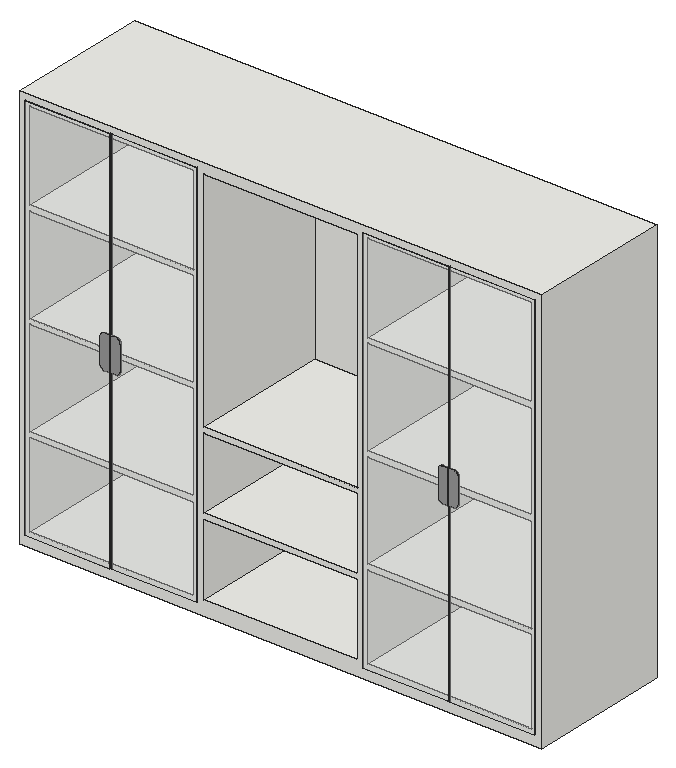
Revit family "M_Centro de entretenimento", category Mobiliário, Revit 2019
Family settings
  Número OmniClass = 23.40.20.14.17
  Título OmniClass = Residential Tables and Cabinets
  ID de item do Seek = Entertainment center-0000-CAN-ENU
  Com base no plano de trabalho = Não
  Sempre na vertical = Sim
  Corte com vazios quando carregada = Não
  Compartilhado = Não
  Ponto de cálculo do ambiente = Não
Parameters (values of type "2743 x 2134 x 0762mm")
  Material = Laminado - Marfim, Fosco
  Largura central = 813.00 mm
  Linear = 762.00 mm
  Altura = 2134.00 mm
  Largura = 2743.00 mm
Types (3, lengths in mm): name | Linear | Altura | Largura
  (no name) | 762.00 | 2134.00 | 2743.00
  1830 x 1830 x 0610mm | 610.00 | 1830.00 | 1830.00
  2743 x 2134 x 0762mm | 762.00 | 2134.00 | 2743.00
Reference planes
  plane 1: y = -406.4
  plane 2: z = 0
  plane 3: x = 0
  plane 4 "Parte posterior": y = -25.4
  plane 5 "Parte frontal": y = -787.4
  plane 6 "Direita": x = 1371.5
  plane 7 "Esquerda": x = -1371.5
  plane 8: z = 2134
  plane 9: x = -1320.7
  plane 10: x = -406.5
  plane 11: x = 406.5
  plane 12: x = 1320.7
  plane 13: x = -1371.5
  plane 14: x = 1371.5
  plane 15: z = 1600.5
  plane 16: z = 1067
  plane 17: z = 533.5
  plane 18: x = -431.9
  plane 19: x = 431.9
  plane 20: x = -889
  plane 21: x = 889
  plane 22: x = -1320.7
  plane 23: x = -457.3
  plane 24: x = 457.3
  plane 25: x = 1320.7
  plane 26: y = -781.05
Forms (mm)
  Extrusion 1, solid, material "Laminado - Marfim, Fosco" <- "Material"
    sketch origin (0, 0, 0) x (1, 0, 0) y (0, 0, 1)
      loop
        line (-1371.5, 0) -> (1371.5, 0) -> (1371.5, 2134) -> (-1371.5, 2134) -> (-1371.5, 0)
      loop
        line (-1320.7, 2083.2) -> (-1320.7, 1613.2) -> (-457.3, 1613.2) -> (-457.3, 2083.2) -> (-1320.7, 2083.2)
      loop
        line (-1320.7, 76.2) -> (-457.3, 76.2) -> (-457.3, 520.8) -> (-1320.7, 520.8) -> (-1320.7, 76.2)
      loop
        line (1320.7, 2083.2) -> (457.3, 2083.2) -> (457.3, 1613.2) -> (1320.7, 1613.2) -> (1320.7, 2083.2)
      loop
        line (-406.5, 2083.2) -> (-406.5, 889.2) -> (406.5, 889.2) -> (406.5, 2083.2) -> (-406.5, 2083.2)
      loop
        line (-406.5, 76.2) -> (406.5, 76.2) -> (406.5, 457.3) -> (-406.5, 457.3) -> (-406.5, 76.2)
      loop
        line (457.3, 76.2) -> (1320.7, 76.2) -> (1320.7, 520.8) -> (457.3, 520.8) -> (457.3, 76.2)
      loop
        line (-457.3, 546.2) -> (-457.3, 1054.3) -> (-1320.7, 1054.3) -> (-1320.7, 546.2) -> (-457.3, 546.2)
      loop
        line (-1320.7, 1587.8) -> (-1320.7, 1079.7) -> (-457.3, 1079.7) -> (-457.3, 1587.8) -> (-1320.7, 1587.8)
      loop
        line (1320.7, 1587.8) -> (457.3, 1587.8) -> (457.3, 1079.7) -> (1320.7, 1079.7) -> (1320.7, 1587.8)
      loop
        line (1320.7, 1054.3) -> (457.3, 1054.3) -> (457.3, 546.2) -> (1320.7, 546.2) -> (1320.7, 1054.3)
      loop
        line (-406.5, 482.7) -> (406.5, 482.7) -> (406.5, 863.8) -> (-406.5, 863.8) -> (-406.5, 482.7)
    from 25.4 to 781.05
  Extrusion 2, solid, material "Laminado - Marfim, Fosco" <- "Material"
    sketch origin (0, -25.4, 0) x (-1, 0, 0) y (0, 0, 1)
      loop
        line (1320.7, 2083.2) -> (-1320.7, 2083.2) -> (-1320.7, 76.2) -> (1320.7, 76.2) -> (1320.7, 2083.2)
    from 0 to -25.4
  Extrusion 3, solid, material "Vidro - Claro, Cinza"
    sketch origin (0, -787.4, 0) x (-1, 0, 0) y (0, 0, 1)
      loop
        line (1339.75, 2102.25) -> (892.175, 2102.25) -> (892.175, 50.8) -> (1339.75, 50.8) -> (1339.75, 2102.25)
      loop
        line (438.25, 50.8) -> (885.825, 50.8) -> (885.825, 2102.25) -> (438.25, 2102.25) -> (438.25, 50.8)
      loop
        line (-1339.75, 2102.25) -> (-1339.75, 50.8) -> (-892.175, 50.8) -> (-892.175, 2102.25) -> (-1339.75, 2102.25)
      loop
        line (-438.25, 50.8) -> (-438.25, 2102.25) -> (-885.825, 2102.25) -> (-885.825, 50.8) -> (-438.25, 50.8)
    from 0 to 6.35
  Extrusion 4, solid, material "Aço, Cromo polido"
    sketch origin (0, -787.4, 0) x (-1, 0, 0) y (0, 0, 1)
      loop
        line (885.825, 1155.9) -> (861.599, 1155.9)
        arc (861.599, 1155.9) -> (843.638, 1148.461) -> (836.199, 1130.5) r 25.4
        line (836.199, 1130.5) -> (836.199, 1003.5)
        arc (836.199, 1003.5) -> (843.638, 985.539) -> (861.599, 978.1) r 25.4
        line (861.599, 978.1) -> (885.825, 978.1) -> (885.825, 1155.9)
      loop
        line (892.175, 1155.9) -> (892.175, 978.1) -> (916.781, 978.1)
        arc (916.781, 978.1) -> (934.742, 985.539) -> (942.181, 1003.5) r 25.4
        line (942.181, 1003.5) -> (942.181, 1130.5)
        arc (942.181, 1130.5) -> (934.742, 1148.461) -> (916.781, 1155.9) r 25.4
        line (916.781, 1155.9) -> (892.175, 1155.9)
      loop
        line (-885.825, 1155.9) -> (-885.825, 978.1) -> (-861.599, 978.1)
        arc (-861.599, 978.1) -> (-843.638, 985.539) -> (-836.199, 1003.5) r 25.4
        line (-836.199, 1003.5) -> (-836.199, 1130.5)
        arc (-836.199, 1130.5) -> (-843.638, 1148.461) -> (-861.599, 1155.9) r 25.4
        line (-861.599, 1155.9) -> (-885.825, 1155.9)
      loop
        line (-892.175, 1155.9) -> (-916.781, 1155.9)
        arc (-916.781, 1155.9) -> (-934.742, 1148.461) -> (-942.181, 1130.5) r 25.4
        line (-942.181, 1130.5) -> (-942.181, 1003.5)
        arc (-942.181, 1003.5) -> (-934.742, 985.539) -> (-916.781, 978.1) r 25.4
        line (-916.781, 978.1) -> (-892.175, 978.1) -> (-892.175, 1155.9)
    from 0 to -3.175
Cuts and joins
  joined: Extrusion 1, Extrusion 2
Lines and regions (mm)
  Masking region 1
    outline origin (0, 0, 0) x (1, 0, 0) y (0, 1, 0)
      loop
        line (-1371.5, -25.4) -> (-1371.5, -787.4) -> (1371.5, -787.4) -> (1371.5, -25.4) -> (-1371.5, -25.4)
Dimensions and locks
  locked: plane 13 to plane 9 at 50.8
  locked: plane 12 to plane 14 at 50.8
  plane 8 to Extrusion 1 sketch curve = 50.80 mm
  Extrusion 1 sketch curve to plane 2 = 76.20 mm
  Extrusion 1 sketch curve to Extrusion 1 sketch curve = 25.40 mm  (x2)
  "Largura": plane 7 "Esquerda" to plane 6 "Direita"
  equal spacing: plane 7 "Esquerda", plane 3, plane 6 "Direita"
  equal spacing: plane 4 "Parte posterior", plane 1, plane 5 "Parte frontal"
  "Linear": plane 4 "Parte posterior" to plane 5 "Parte frontal"
  equal spacing: plane 8, plane 15, plane 16, plane 17, plane 2
  locked: Extrusion 1 sketch curve to plane 15 at 12.7
  locked: plane 15 to Extrusion 1 sketch curve at 12.7
  locked: Extrusion 1 sketch curve to plane 16 at 12.7
  locked: plane 16 to Extrusion 1 sketch curve at 12.7
  locked: Extrusion 1 sketch curve to plane 17 at 12.7
  locked: plane 17 to Extrusion 1 sketch curve at 12.7
  "Altura": plane 8 to plane 2
  "Largura central": plane 10 to plane 11
  equal spacing: plane 10, plane 3, plane 11
  locked: plane 18 to plane 10 at 25.4
  locked: plane 11 to plane 19 at 25.4
  locked: plane 7 "Esquerda" to plane 22 at 50.8
  locked: plane 23 to plane 18 at 25.4
  locked: plane 19 to plane 24 at 25.4
  locked: plane 25 to plane 6 "Direita" at 50.8
  equal spacing: plane 22, plane 20, plane 23
  equal spacing: plane 24, plane 21, plane 25
  locked: plane 5 "Parte frontal" to plane 26 at 6.35
  aligned and locked: Extrusion 1 sketch curve to plane 13
  aligned and locked: Extrusion 1 sketch curve to plane 14
  aligned and locked: plane 13 to plane 7 "Esquerda"
  aligned and locked: Extrusion 1 sketch curve to Extrusion 1 sketch curve  (x2)
  aligned and locked: plane 14 to plane 6 "Direita"
  aligned and locked: plane 4 "Parte posterior" to Extrusion 1
  aligned and locked: Extrusion 1 to Extrusion 3
  aligned and locked: Extrusion 4 sketch curve to Extrusion 3  (x2)
  aligned and locked: Extrusion 3 to Extrusion 4 sketch curve  (x2)
  aligned and locked: Masking region 1 sketch curve to plane 4 "Parte posterior"
  aligned and locked: plane 7 "Esquerda" to Masking region 1 sketch curve
  aligned and locked: plane 5 "Parte frontal" to Masking region 1 sketch curve
  aligned and locked: Masking region 1 sketch curve to plane 6 "Direita"
  aligned and locked: plane 26 to cut or joined group of Extrusion 1, Extrusion 2
Automatic sketch dimensions
  Extrusion 1 sketch curve to plane 9 = 0.00 mm  (x4)
  Extrusion 1 sketch curve to plane 10 = 0.00 mm  (x3)
  Extrusion 1 sketch curve to plane 11 = 0.00 mm  (x3)
  Extrusion 1 sketch curve to plane 12 = 0.00 mm  (x4)
  Extrusion 1 sketch curve to Extrusion 1 sketch curve = 50.80 mm  (x2)
  Extrusion 1 sketch curve to plane 11 = 50.80 mm
  Extrusion 1 sketch curve to plane 8 = 0.00 mm
  Extrusion 1 sketch curve to Extrusion 1 sketch curve = 0.00 mm  (x6)
  Extrusion 1 sketch curve to level = 0.00 mm
  level to Extrusion 1 sketch curve = 76.20 mm
  plane 8 to Extrusion 1 sketch curve = 50.80 mm
  Extrusion 1 sketch curve to Extrusion 1 sketch curve = 165.10 mm  (x2)
  Extrusion 1 sketch curve to Extrusion 1 sketch curve = 25.40 mm  (x2)
  Extrusion 1 sketch curve to Extrusion 1 sketch curve = 38.10 mm  (x2)
  Extrusion 2 sketch curve to plane 6 "Direita" = 50.80 mm
  plane 7 "Esquerda" to Extrusion 2 sketch curve = 50.80 mm
  level to Extrusion 2 sketch curve = 76.20 mm
  plane 8 to Extrusion 2 sketch curve = 50.80 mm
  plane 18 to Extrusion 1 sketch curve = 25.40 mm
  Extrusion 3 sketch curve to plane 6 "Direita" = 31.75 mm
  Extrusion 3 sketch curve to plane 21 = 3.175 mm
  plane 21 to Extrusion 3 sketch curve = 3.175 mm
  Extrusion 3 sketch curve to plane 19 = 6.35 mm
  plane 18 to Extrusion 3 sketch curve = 6.35 mm
  Extrusion 3 sketch curve to plane 20 = 3.175 mm
  plane 20 to Extrusion 3 sketch curve = 3.175 mm
  plane 7 "Esquerda" to Extrusion 3 sketch curve = 31.75 mm
  level to Extrusion 3 sketch curve = 50.80 mm  (x4)
  plane 8 to Extrusion 3 sketch curve = 31.75 mm  (x4)
  Extrusion 4 sketch curve to Extrusion 4 sketch curve = 24.606 mm  (x4)
  Extrusion 4 sketch curve to Extrusion 4 sketch curve = 25.40 mm  (x5)
  Extrusion 4 sketch curve to Extrusion 4 sketch curve = 24.226 mm  (x4)
  Extrusion 4 sketch curve to Extrusion 4 sketch curve = 49.626 mm
  plane 16 to Extrusion 4 sketch curve = 88.90 mm  (x2)
  Extrusion 4 sketch curve to Extrusion 4 sketch curve = 0.00 mm  (x2)
  Extrusion 4 sketch curve to plane 16 = 63.50 mm  (x2)
